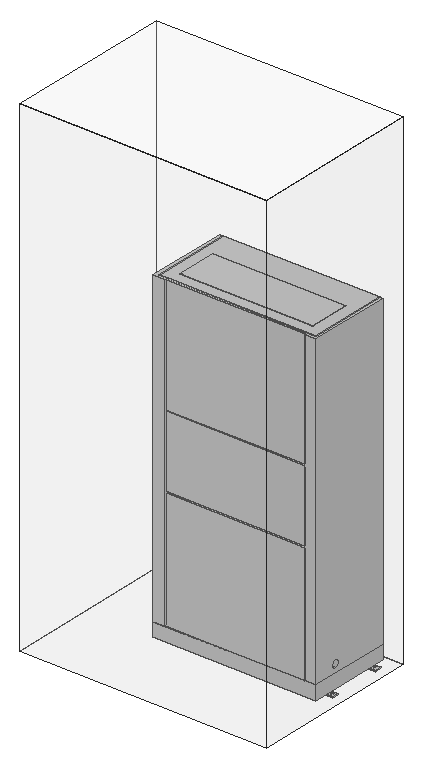
Revit family "pffy-p112_280rmg9_60Hz", category 機械設備, Revit 2019
Family settings
  丸型コネクタ寸法 = 直径を使用
  パーツ タイプ = 標準
  OmniClass 番号 = 23.75.10.24.21.27.27
  OmniClass タイトル = Split System Air Conditioning Units
  作業面ベース = いいえ
  常に垂直 = はい
  ロード時にボイドで切り取り = いいえ
  共有 = いいえ
  部屋計算ポイント = いいえ
Parameters (values of type "PFFY-P112RMG9")
  風量（m3／min） = 32
  風量 = MAX風量  # 1920.0 m³/h
  音響パワーレベル(dB) = 67
  電源種別 = ""
  電圧_電気ヒーター = 0 V
  電圧 = 200 V
  電動機出力_送風機 = 0.4 kW
  運転質量 = 0.00 kg
  連動 = ""
  質量 = if(製品質量 > 運転質量, 製品質量, 運転質量) * 1.2  # 163.20 kg
  負荷分類 = 3_ファン類
  説明 = "ビル用マルチエアコン 壁ビルトイン形　室内機"
  設計暖房能力 [instance] = 0 kW
  設計冷房能力_顕熱 [instance] = 0 kW
  設計冷房能力 [instance] = 0 kW
  設置方法 = "床置形"
  記号 [instance] = ""
  製造元 = "三菱電機株式会社"
  製品質量 = 136.00 kg
  製品出荷対象 = "国内"
  製品リリース年月 = "2022年9月15日"
  製品グループ = ""
  系統 [instance] = ""
  符号 = "ACP-FRV(D)"
  積算_科目 = "1 空気調和設備"
  積算_拾い区分 [instance] = ""
  相_電気ヒーター = 1
  相 = 3
  盤記号 [instance] = ""
  発停方法 = ""
  特殊仕様 [instance] = ""
  火災停止 = ""
  消費電力_電気ヒーター = 0 kW
  消費電力_暖房 = 0.61 kW
  消費電力_加湿器 = 0 kW
  消費電力_冷房 = 0.61 kW
  消費電力 = if(消費電力_冷房 > 消費電力_暖房, 消費電力_冷房, 消費電力_暖房) + 消費電力_加湿器 + 消費電力_電気ヒーター  # 0.61 kW
  法定耐用年数 = "15"
  機械基礎質量 [instance] = 0.00 kg
  機械基礎_W = 0 mm
  機械基礎_H = 0 mm
  機械基礎_D = 0 mm
  機械基礎 [instance] = no
  機外静圧 = 250.0 Pa
  極数 = 3
  材質 [instance] = ""
  本体マテリアル = none
  有効加湿量 = 0
  暖房能力 = 12.5 kW
  形式_加湿器 = ""
  形式 = "床置（露出）立形"
  形名 = PFFY-P-RMG : PFFY-P112RMG9
  幹線記号 [instance] = ""
  始動方式 = "直入"
  呼称 = "室内機_床置(露出)立形(直吹)"
  周波数 = 60 Hz
  台数_手元リモコン [instance] = ""
  台数_冷媒分岐ユニット [instance] = ""
  参照している仕様書等のバージョン = "公共建築工事標準仕様書（機械設備工事編）平成31年度版"
  加湿給水管径 = 0.00 mm
  分類コード = "50053003221100"
  分類グループ = ""
  冷房能力 = 11.2 kW
  冷媒高低圧ガス管径 = 0.00 mm
  冷媒管径符号 = "Bd"
  冷媒管径 = 100.00 mm
  冷媒液管径 = 9.52 mm
  冷媒ガス管径 = 15.88 mm
  価格 = 0
  企業コード = "108420"
  付属品_フィルター = ""
  付属品 [instance] = ""
  仕様書バージョン = "Version1.0"
  モデル = "PFFY-P112RMG9"
  ドレン管径 = 34.00 mm
  ダクト高 = 250 mm
  ダクト幅 = 800 mm
  コメント [instance] = ""
  Keynote = ""
  Width = 980 mm
  Version = ""
  Uniclass2015Version = "Systems v1.9"
  Uniclass2015Title = "Split coil remote air cooled condensing units"
  Uniclass2015Code = "Pr_70_65_03_84"
  URL = "https://www.mitsubishielectric.co.jp/ldg/wink/ssl/displayProduct.do?pid=317106"
  S寸法 = 0 mm
  SpecificationReference = ""
  SpecificationDescription = ""
  Revision = ""
  ProductInformation = ""
  OmniClassCode = "23-33 17 13 11"
  MAX風量 = 風量（m3／min） * 60.0 m³/h  # 1920.0 m³/h
  IfcTypeProduct = ""
  IfcProduct = ""
  IfcExportType = "AIRCONDITIONINGUNIT"
  IfcExportAs = "IfcUnitaryEquipmentType"
  Height = 1950 mm
  Depth = 500 mm
  Clearance Top = 1000 mm
  Clearance Right = 100 mm
  Clearance Left = 400 mm
  Clearance Front = 500 mm
  Clearance Back = 30 mm
  Author = "三菱電機株式会社"
Types (4, lengths in mm): name | 風量（m3／min） | 風量 | 音響パワーレベル(dB) | 電動機出力_送風機 | 質量 | 製品質量 | 消費電力_暖房 | 消費電力_冷房 | 消費電力 | 機械基礎_H | 機外静圧 | 暖房能力 | 形名 | 冷房能力 | 冷媒管径符号 | 冷媒ガス管径 | モデル | ダクト幅 | Width | URL | MAX風量
  PFFY-P112RMG9 | 32 | 1920.0 m³/h | 67 | 0.4 kW | 163.20 kg | 136.00 kg | 0.61 kW | 0.61 kW | 0.61 kW | 0 | 250.0 Pa | 12.5 kW | PFFY-P-RMG : PFFY-P112RMG9 | 11.2 kW | "Bd" | 15.88 | "PFFY-P112RMG9" | 800 | 980 | "https://www.mitsubishielectric.co.jp/ldg/wink/ssl/displayProduct.do?pid=317106" | 1920.0 m³/h
  PFFY-P140RMG9 | 40 | 2400.0 m³/h | 69 | 0.48 kW | 163.20 kg | 136.00 kg | 0.75 kW | 0.75 kW | 0.75 kW | 0 | 250.0 Pa | 16 kW | PFFY-P-RMG : PFFY-P140RMG9 | 14 kW | "Bd" | 15.88 | "PFFY-P140RMG9" | 800 | 980 | "https://www.mitsubishielectric.co.jp/ldg/wink/ssl/displayProduct.do?pid=317107" | 2400.0 m³/h
  PFFY-P224RMG9 | 64 | 3840.0 m³/h | 72 | 0.9 kW | 198.00 kg | 165.00 kg | 1.45 kW | 1.45 kW | 1.45 kW | 0 | 300.0 Pa | 25 kW | PFFY-P-RMG : PFFY-P224RMG9 | 22.4 kW | "Be" | 19.05 | "PFFY-P224RMG9" | 1020 | 1200 | "https://www.mitsubishielectric.co.jp/ldg/wink/ssl/displayProduct.do?pid=317108" | 3840.0 m³/h
  PFFY-P280RMG9 | 80 | 4800.0 m³/h | 77 | 1.1 kW | 220.80 kg | 184.00 kg | 1.89 kW | 1.89 kW | 1.89 kW | 150 | 300.0 Pa | 31.5 kW | PFFY-P-RMG : PFFY-P280RMG9 | 28 kW | "Bf" | 22.20 | "PFFY-P280RMG9" | 1260 | 1440 | "https://www.mitsubishielectric.co.jp/ldg/wink/ssl/displayProduct.do?pid=317109" | 4800.0 m³/h
Reference planes
  plane 1: z = -150
  plane 2: z = 1800
  plane 3: z = -150
  plane 4: z = 2800
  plane 5 "中心(正面/背面)": y = -250
  plane 6 "左": x = -490
  plane 7 "右": x = 490
  plane 8 "正面": y = -500
  plane 9 "背面": y = 0
  plane 10: x = 0
  plane 11: x = -875
  plane 12: y = 0
  plane 13: y = -500
  plane 14: x = 490
  plane 15: y = 30
  plane 16: x = 590
  plane 17: x = -890
  plane 18: y = -1000
  plane 19 "配管_左": x = -493
  plane 20 "電源_右": x = 493
Dimensions and locks
  "Height": plane 1 to plane 2
  "Clearance Top": plane 4 to plane 2
  "Width": plane 6 "左" to plane 7 "右"
  "Depth": plane 8 "正面" to plane 9 "背面"
  "S寸法": plane 9 "背面" to plane 12
  "S寸法": plane 13 to plane 8 "正面"
  "S寸法": plane 7 "右" to plane 14
  "Clearance Back": plane 9 "背面" to plane 15
  "Clearance Right": plane 7 "右" to plane 16
  "Clearance Left": plane 17 to plane 6 "左"
  "Clearance Front": plane 18 to plane 8 "正面"
  equal spacing: plane 6 "左", plane 10, plane 7 "右"
  locked: plane 14 to plane 20 "電源_右" at 3
  locked: plane 19 "配管_左" to plane 6 "左" at 3
  aligned and locked: plane 17 to nested 1
  aligned and locked: plane 16 to nested 1
  aligned and locked: plane 15 to nested 1
  aligned and locked: plane 1 to plane 3
  aligned and locked: plane 10 to nested 2
  aligned and locked: plane 5 "中心(正面/背面)" to nested 2
  aligned and locked: plane 18 to nested 1
Nested families
  nested 1: "サービススペース(PFFY-P-DMG)" at (-150, -485, 1325), type "サービススペース(PFFY-P-DMG)"
    with Width 1480 mm, Height 2950 mm, Depth 1030 mm
  nested 2: "PFFY-P-RMG" at (0, -250, -150), type <- "形名", マテリアル1 <- "本体マテリアル", type "PFFY-P112RMG9"
    with 表示 yes, マテリアル2 none, マテリアル1 none
Connectors
  piping at (-493, -325, 760), diameter 100
    settings: on nested 2, index 1, connector inside diameter 609.60 mm, connector length 0 mm, flow factor 0, pipe flow 0.0 L/s, pressure drop 0.0 Pa, fitting loss kfactor 0, connector angle 0.00°, fixture units 0, engagement length 0 mm, angle of deflection 0.00°, flow configuration 0, flow direction 0, fitting loss method 0, system type 7, joint type 0, gender type 0, connector reference index -1, connector utility 0, adjustable connector no, is connector primary yes, connector description ""
  piping at (-493, -245, -120), diameter 34
    settings: on nested 2, index 2, connector inside diameter 609.60 mm, connector length 0 mm, flow factor 0, pipe flow 0.0 L/s, pressure drop 0.0 Pa, fitting loss kfactor 0, connector angle 0.00°, fixture units 0, engagement length 0 mm, angle of deflection 0.00°, flow configuration 0, flow direction 0, fitting loss method 0, system type 7, joint type 0, gender type 0, connector reference index -1, connector utility 0, adjustable connector no, is connector primary no, connector description ""
  electrical at (493, -360, -10), driven by "電圧", driven by "消費電力"
    settings: on nested 2, index 3, voltage 200 V, apparent load 610 VA, apparent load phase1 0 VA, apparent load phase2 0 VA, apparent load phase3 0 VA, power factor 1, load classification "その他", number of poles 1, system type 30, power factor state 1, is connector primary yes, connector utility no, sub classification motor no, connector description ""
Definition of nested family "サービススペース(PFFY-P-DMG)"
  Parameters (values of type "サービススペース")
    Width [instance] = 500 mm
    Height [instance] = 500 mm
    Depth [instance] = 500 mm
  Reference planes
    plane 1 "中心(正面/背面)": y = 0
    plane 2: z = 0
    plane 3 "中心(左/右)": x = 0
    plane 4: y = -250
    plane 5: x = 250
    plane 6: y = 250
    plane 7: x = -250
    plane 8: z = 250
    plane 9: z = -250
  Forms (mm)
    Extrusion 1, solid
      sketch origin (-638.939, 0, 72.39) x (1, 0, 0) y (0, 1, 0)
        loop
          line (388.939, 250) -> (388.939, -250) -> (888.939, -250) -> (888.939, 250) -> (388.939, 250)
      from -322.39 to 177.61
  Lines and regions (mm)
    symbolic lines
      curve 1: line (-250, 0, 250) -> (250, 0, 250)
      curve 2: line (-250, 0, -250) -> (-250, 0, 250)
      curve 3: line (250, 0, -250) -> (-250, 0, -250)
      curve 4: line (250, 0, 250) -> (250, 0, -250)
      curve 5: line (0, -250, 250) -> (0, 250, 250)
      curve 6: line (0, -250, -250) -> (0, -250, 250)
      curve 7: line (0, 250, -250) -> (0, -250, -250)
      curve 8: line (0, 250, 250) -> (0, 250, -250)
      curve 9: line (-250, 250, 0) -> (250, 250, 0)
      curve 10: line (-250, -250, 0) -> (-250, 250, 0)
      curve 11: line (250, -250, 0) -> (-250, -250, 0)
      curve 12: line (250, 250, 0) -> (250, -250, 0)
  Dimensions and locks
    equal spacing: plane 7, plane 3 "中心(左/右)", plane 5
    equal spacing: plane 4, plane 1 "中心(正面/背面)", plane 6
    "Depth": plane 4 to plane 6
    "Width": plane 7 to plane 5
    equal spacing: plane 8, plane 2, plane 9
    "Height": plane 8 to plane 9
    aligned and locked: plane 9 to curve 3
    aligned and locked: plane 7 to curve 2
    aligned and locked: curve 4 to plane 5
    aligned and locked: plane 5 to Extrusion 1
    aligned and locked: Extrusion 1 to plane 7
    aligned and locked: Extrusion 1 to plane 9
    aligned and locked: plane 8 to Extrusion 1
    aligned and locked: plane 9 to curve 7
  Automatic sketch dimensions
    plane 4 to Extrusion 1 sketch curve = 0 mm
    Extrusion 1 sketch curve to plane 7 = 0 mm
    Extrusion 1 sketch curve to plane 5 = 0 mm
    plane 6 to Extrusion 1 sketch curve = 0 mm
    curve 2 to plane 8 = 0 mm
    plane 4 to curve 11 = 0 mm
    curve 11 to plane 7 = 0 mm
    curve 11 to plane 5 = 0 mm
    plane 6 to curve 10 = 0 mm
    curve 7 to plane 4 = 0 mm
    curve 7 to plane 6 = 0 mm
    curve 6 to plane 8 = 0 mm
Definition of nested family "PFFY-P-RMG"
  Parameters (values of type "PFFY-P224RMG9")
    液径 = 9.52 mm
    液-W = 0 mm
    液-H = 910 mm
    液-D = 225 mm
    高 = 1950 mm
    電源径 = 36 mm
    電源-W = 0 mm
    電源-H = 140 mm
    電源-D = 140 mm
    表示 [instance] = yes
    幅 = 1200 mm
    奥行 = 500 mm
    吹出し口-W = 1020 mm
    吹出し口-D = 250 mm
    吊りボルト径 = 12 mm
    吊りボルト-W = 1242 mm
    吊りボルト-D = 320 mm
    吊りボルト-H = 0 mm
    冷媒径 = 100 mm
    ガス径 = 19.05 mm
    ガス-W = 0 mm
    ガス-H = 910 mm
    ガス-D = 125 mm
    マテリアル2 [instance] = none
    マテリアル1 [instance] = none
    ドレン径 = 34 mm  # constant formula
    ドレン-W = 0 mm
    ドレン-H = 30 mm
    ドレン-D = 255 mm
  Types (4, lengths in mm): name | 幅 | 吹出し口-W | 吊りボルト-W | ガス径
    PFFY-P280RMG9 | 1440 | 1260 | 1482 | 22.2
    PFFY-P224RMG9 | 1200 | 1020 | 1242 | 19.05
    PFFY-P140RMG9 | 980 | 800 | 1022 | 15.88
    PFFY-P112RMG9 | 980 | 800 | 1022 | 15.88
  Reference planes
    plane 1 "中心(正面/背面)": y = 0
    plane 2: z = 0
    plane 3 "中心(左/右)": x = 0
    plane 4: x = 600
    plane 5: x = -600
    plane 6: y = 250
    plane 7: y = -250
    plane 8: z = 1250
    plane 9: z = 1950
    plane 10: z = 85
    plane 11 "吊りボルト-W2": x = 621
    plane 12 "吊りボルト-W1": x = -621
    plane 13 "ドレン-H": z = 30
    plane 14 "電源穴-H": z = 140
    plane 15: z = 910
    plane 16: z = 910
    plane 17: z = 1240
    plane 18: x = 640
    plane 19: x = -640
    plane 20: y = 130
    plane 21: z = 5
    plane 22 "冷媒管-H": z = 910
    plane 23: z = 800
    plane 24: z = 810
    plane 25 "67-20": y = -183
    plane 26 "吹出し口-D2": y = -163
    plane 27 "吹出し口-D1": y = 87
    plane 28: x = 530
    plane 29 "吹出し口-幅2": x = 510
    plane 30 "吹出し口-幅1": x = -510
    plane 31 "20": x = -530
    plane 32 "吊りボルト-D2": y = -155
    plane 33 "吊りボルト-D1": y = 165
    plane 34 "ドレン-D": y = 5
    plane 35 "冷媒管-D": y = -75
    plane 36 "ガス-D": y = -125
    plane 37 "液-D": y = -25
    plane 38 "電源-D": y = -110
    plane 39 "電源穴-D": y = -110
    plane 40 "ガス": y = -125
    plane 41 "液": y = -25
  Forms (mm)
    Extrusion 1, solid, material <- "マテリアル1", visible <- "表示", detail levels fine
      sketch origin (0, 0, -400) x (1, 0, 0) y (0, 1, 0)
        loop
          line (530, -230) -> (-530, -230) -> (-530, -247) -> (530, -247) -> (530, -230)
      from 1650 to 2350
    Extrusion 2, solid, material <- "マテリアル1", visible <- "表示", detail levels fine
      sketch origin (0, 0, -800) x (1, 0, 0) y (0, 1, 0)
        loop
          line (-530, -247) -> (530, -247) -> (530, -230) -> (-530, -230) -> (-530, -247)
      from 885 to 1600
    Extrusion 3, solid, material <- "マテリアル2", visible <- "表示", detail levels fine
      sketch origin (0, 0, 0) x (1, 0, 0) y (0, 1, 0)
        loop
          line (600, 185) -> (600, 145) -> (640, 145) -> (640, 185) -> (600, 185)
        loop
          line (600, -137.5) -> (600, -177.5) -> (640, -177.5) -> (640, -137.5) -> (600, -137.5)
        loop
          line (-640, 185) -> (-640, 145) -> (-600, 145) -> (-600, 185) -> (-640, 185)
        loop
          line (-640, -137.5) -> (-640, -177.5) -> (-600, -177.5) -> (-600, -137.5) -> (-640, -137.5)
        loop
          circle (-621, 165) r 6
        loop
          circle (621, 165) r 6
        loop
          circle (621, -155) r 6
        loop
          circle (-621, -155) r 6
      from 0 to 5
    Extrusion 4, solid, material <- "マテリアル1", visible <- "表示", detail levels fine
      sketch origin (-1437.329, -1524, 1748) x (-1, 0, 0) y (0, -1, 0)
        loop
          line (-837.329, -1774) -> (-837.329, -1274) -> (-907.329, -1274) -> (-907.329, -1294) -> (-857.329, -1294) -> (-857.329, -1774) -> (-837.329, -1774)
        loop
          line (-2017.329, -1774) -> (-2017.329, -1294) -> (-1967.329, -1294) -> (-1967.329, -1274) -> (-2037.329, -1274) -> (-2037.329, -1774) -> (-2017.329, -1774)
      from -1663 to 202
    Extrusion 5, solid, material <- "マテリアル1", visible <- "表示", detail levels fine
      sketch origin (-1437.329, -1524, 1748) x (-1, 0, 0) y (0, -1, 0)
        loop
          line (-2017.329, -1774) -> (-857.329, -1774) -> (-857.329, -1294) -> (-2017.329, -1294) -> (-2017.329, -1774)
      from -1663 to 202
    Extrusion 6, solid, material <- "マテリアル2", visible <- "表示", detail levels fine
      sketch origin (-1437.329, -1524, 1748) x (-1, 0, 0) y (0, -1, 0)
        loop
          line (-837.329, -1774) -> (-837.329, -1274) -> (-2037.329, -1274) -> (-2037.329, -1774) -> (-837.329, -1774)
      from -1748 to -1663
    Extrusion 7, solid, material <- "マテリアル2", visible <- "表示", detail levels fine
      sketch origin (600, 1296.25, 1200) x (0, 1, 0) y (0, 0, 1)
        loop
          circle (-1406.25, -1060) r 18
      from 0 to 3
    Extrusion 8, solid, material <- "マテリアル1", visible <- "表示", detail levels fine
      sketch origin (0, 0, -360) x (1, 0, 0) y (0, 1, 0)
        loop
          line (-530, -247) -> (530, -247) -> (530, -230) -> (-530, -230) -> (-530, -247)
      from 1170 to 1600
    Extrusion 9, solid, detail levels fine
      sketch origin (-1437.329, -1524, 1950) x (-1, 0, 0) y (0, -1, 0)
        loop
          line (-1947.329, -1361) -> (-1947.329, -1611) -> (-927.329, -1611) -> (-927.329, -1361) -> (-1947.329, -1361)
      from 0 to 1
    Extrusion 10, solid, detail levels fine
      sketch origin (-600, -250, 1748) x (0, 1, 0) y (0, 0, -1)
        loop
          circle (175, 838) r 50
      from 0 to 3
    Extrusion 11, solid, detail levels fine
      sketch origin (-600, -250, 1748) x (0, 1, 0) y (0, 0, -1)
        loop
          circle (255, 1718) r 17
      from 0 to 3
    Extrusion 12, solid, detail levels fine
      sketch origin (-600, -250, 1748) x (0, 1, 0) y (0, 0, -1)
        loop
          circle (125, 838) r 9.525
        loop
          circle (225, 838) r 4.76
      from 0 to 3
  Lines and regions (mm)
    Masking region 1, visible <- "表示", detail levels coarse+medium
      outline origin (0, 0, 0) x (1, 0, 0) y (0, 1, 0)
        loop
          line (-600, 250) -> (-600, -250) -> (600, -250) -> (600, 250) -> (-600, 250)
    symbolic lines, visible <- "表示"
      curve 1: line (-600, 250, 1748) -> (-600, -250, 1748)
      curve 2: line (-600, -250, 1748) -> (600, -250, 1748)
      curve 3: line (600, -250, 1748) -> (600, 250, 1748)
      curve 4: line (600, 250, 1748) -> (-600, 250, 1748)
  Dimensions and locks
    equal spacing: plane 7, plane 1 "中心(正面/背面)", plane 6
    "奥行": plane 7 to plane 6
    equal spacing: plane 5, plane 3 "中心(左/右)", plane 4
    "幅": plane 5 to plane 4
    plane 10 to level = 85 mm
    equal spacing: plane 12 "吊りボルト-W1", plane 3 "中心(左/右)", plane 11 "吊りボルト-W2"
    "吊りボルト-W": plane 12 "吊りボルト-W1" to plane 11 "吊りボルト-W2"
    "ドレン-H": plane 13 "ドレン-H" to level
    "電源-H": plane 14 "電源穴-H" to level
    "液-H": plane 15 to level
    plane 9 to plane 8 = 700 mm
    "ガス-H": plane 16 to level
    locked: plane 8 to plane 17 at 10
    locked: plane 19 to plane 5 at 40
    locked: plane 4 to plane 18 at 40
    locked: plane 21 to level at 5
    "高": plane 9 to level
    locked: plane 24 to plane 23 at 10
    plane 23 to level = 800 mm
    locked: plane 7 to plane 25 "67-20" at 67
    "吹出し口-D": plane 26 "吹出し口-D2" to plane 27 "吹出し口-D1"
    locked: plane 25 "67-20" to plane 26 "吹出し口-D2" at 20
    locked: plane 28 to plane 4 at 70
    locked: plane 29 "吹出し口-幅2" to plane 28 at 20
    "吹出し口-W": plane 30 "吹出し口-幅1" to plane 29 "吹出し口-幅2"
    locked: plane 31 "20" to plane 30 "吹出し口-幅1" at 20
    locked: plane 7 to plane 32 "吊りボルト-D2" at 95
    "吊りボルト-D": plane 32 "吊りボルト-D2" to plane 33 "吊りボルト-D1"
    "吊りボルト径": diameter of Extrusion 3 sketch curve  (x4)
    "電源径": diameter of Extrusion 7 sketch curve
    "冷媒径": diameter of Extrusion 10 sketch curve
    "ドレン径": diameter of Extrusion 11 sketch curve
    "ガス径": diameter of Extrusion 12 sketch curve
    "液径": diameter of Extrusion 12 sketch curve
    aligned and locked: level to plane 2
    aligned and locked: Extrusion 2 to plane 10
    aligned and locked: Extrusion 1 to plane 8
    aligned and locked: Extrusion 4 to plane 10
    aligned and locked: plane 9 to Extrusion 4
    aligned and locked: plane 9 to Extrusion 1
    aligned and locked: Extrusion 4 sketch curve to plane 7
    aligned and locked: Extrusion 5 sketch curve to plane 6
    aligned and locked: plane 9 to Extrusion 5
    aligned and locked: Extrusion 5 to plane 10
    aligned and locked: plane 4 to Extrusion 3 sketch curve  (x2)
    aligned and locked: Extrusion 3 sketch curve to plane 18  (x2)
    aligned and locked: plane 19 to Extrusion 3 sketch curve  (x2)
    aligned and locked: Extrusion 3 sketch curve to plane 5  (x2)
    aligned and locked: plane 12 "吊りボルト-W1" to Extrusion 3 sketch curve  (x2)
    aligned and locked: plane 11 "吊りボルト-W2" to Extrusion 3 sketch curve  (x2)
    aligned and locked: Extrusion 3 to level
    aligned and locked: plane 21 to Extrusion 3
    aligned and locked: Extrusion 6 sketch curve to Extrusion 4
    aligned and locked: Extrusion 6 sketch curve to Extrusion 5
    aligned and locked: Extrusion 6 to level
    aligned and locked: plane 10 to Extrusion 6
    aligned and locked: Masking region 1 sketch curve to Extrusion 6
    aligned and locked: Masking region 1 sketch curve to Extrusion 4
    aligned and locked: Masking region 1 sketch curve to plane 7
    aligned and locked: Masking region 1 sketch curve to plane 4
    aligned and locked: plane 14 "電源穴-H" to Extrusion 7 sketch curve
    aligned and locked: Extrusion 7 to plane 4
    aligned and locked: plane 23 to Extrusion 2
    aligned and locked: Extrusion 8 to plane 24
    aligned and locked: plane 30 "吹出し口-幅1" to Extrusion 9 sketch curve
    aligned and locked: nested 1 to plane 11 "吊りボルト-W2"
    aligned and locked: plane 33 "吊りボルト-D1" to nested 1
    aligned and locked: plane 32 "吊りボルト-D2" to nested 1
    aligned and locked: plane 12 "吊りボルト-W1" to nested 1
  Automatic sketch dimensions
    plane 7 to curve 2 = 0 mm
    plane 6 to Extrusion 4 sketch curve = 0 mm  (x2)
    Extrusion 4 sketch curve to plane 5 = 0 mm
    plane 5 to Extrusion 1 sketch curve = 70 mm
    plane 5 to Extrusion 2 sketch curve = 70 mm
    Extrusion 4 sketch curve to plane 4 = 20 mm
    plane 5 to Extrusion 4 sketch curve = 20 mm
    Extrusion 5 sketch curve to plane 4 = 20 mm
    plane 5 to Extrusion 5 sketch curve = 20 mm
    plane 5 to Extrusion 8 sketch curve = 70 mm
    Extrusion 1 sketch curve to plane 7 = 3 mm
    Extrusion 1 sketch curve to Extrusion 1 sketch curve = 17 mm
    Extrusion 2 sketch curve to plane 7 = 3 mm
    Extrusion 2 sketch curve to Extrusion 2 sketch curve = 17 mm
    Extrusion 4 sketch curve to plane 7 = 20 mm  (x2)
    Extrusion 5 sketch curve to plane 7 = 20 mm
    Extrusion 8 sketch curve to plane 7 = 3 mm
    Extrusion 8 sketch curve to Extrusion 8 sketch curve = 17 mm
    curve 2 to plane 5 = 0 mm
    plane 6 to curve 4 = 0 mm
    curve 3 to plane 4 = 0 mm
    Extrusion 4 sketch curve to Extrusion 4 sketch curve = 70 mm
    Extrusion 1 sketch curve to plane 4 = 70 mm
    Extrusion 2 sketch curve to plane 4 = 70 mm
    Extrusion 8 sketch curve to plane 4 = 70 mm
    Extrusion 9 sketch curve to Extrusion 5 = 70 mm
    Extrusion 9 sketch curve to Extrusion 5 = 163 mm
    Extrusion 9 sketch curve to Extrusion 5 = 67 mm
    Extrusion 4 sketch curve to plane 31 "20" = 0 mm
    plane 7 to Extrusion 4 sketch curve = 0 mm
    Extrusion 4 sketch curve to plane 4 = 0 mm
    Extrusion 6 sketch curve to plane 4 = 0 mm
    plane 7 to Extrusion 6 sketch curve = 0 mm
    plane 32 "吊りボルト-D2" to Extrusion 3 sketch curve = 0 mm  (x2)
    plane 33 "吊りボルト-D1" to Extrusion 3 sketch curve = 0 mm  (x2)
    Extrusion 3 sketch curve to plane 25 "67-20" = 5.5 mm  (x2)
    Extrusion 3 sketch curve to plane 40 "ガス" = 12.5 mm  (x2)
    Extrusion 3 sketch curve to plane 20 = 15 mm  (x2)
    Extrusion 3 sketch curve to plane 33 "吊りボルト-D1" = 20 mm  (x2)
    Extrusion 7 sketch curve to plane 38 "電源-D" = 0 mm
    Extrusion 10 sketch curve to Extrusion 4 = 175 mm
    Extrusion 4 to Extrusion 10 sketch curve = 825 mm
    Extrusion 11 sketch curve to Extrusion 4 = 55 mm
    Extrusion 4 to Extrusion 11 sketch curve = 245 mm
    Extrusion 12 sketch curve to Extrusion 4 = 125 mm
    Extrusion 12 sketch curve to Extrusion 12 sketch curve = 100 mm
    Extrusion 4 to Extrusion 12 sketch curve = 825 mm
    Extrusion 12 sketch curve to Extrusion 12 sketch curve = 0 mm
  Nested families
    nested 1: "固定点" at (-621, -155, 0), visible <- "表示", D <- "吊りボルト-D", W <- "吊りボルト-W", type "固定点", detail levels fine
      with W 1242 mm, D 320 mm, 中心円 12 mm
  Definition of nested family "固定点"
    Parameters (values of type "固定点")
      中心円 = 20 mm
      W [instance] = 1000 mm
      D [instance] = 1000 mm
    Reference planes
      plane 1 "中心(正面/背面)": y = 0
      plane 2: z = 0
      plane 3 "中心(左/右)": x = 0
      plane 4: x = 1000
      plane 5: y = 1000
    Lines and regions (mm)
      symbolic lines, detail levels fine
        curve 1: circle (0, 1000, 0) r 10 normal (0, 0, 1)
        curve 2: circle (0, 0, 0) r 10 normal (0, 0, 1)
        curve 3: circle (1000, 1000, 0) r 10 normal (0, 0, 1)
        curve 4: circle (1000, 0, 0) r 10 normal (0, 0, 1)
        curve 5: line (-200, 1000, 0) -> (1200, 1000, 0)
        curve 6: line (-200, 0, 0) -> (1200, 0, 0)
        curve 7: line (0, 1200, 0) -> (0, -200, 0)
        curve 8: line (1000, 1200, 0) -> (1000, -200, 0)
    Dimensions and locks
      "W": plane 3 "中心(左/右)" to plane 4
      "D": plane 1 "中心(正面/背面)" to plane 5
      "中心円": diameter of curve 1
      "中心円": diameter of curve 2
      "中心円": diameter of curve 3
      "中心円": diameter of curve 4
      aligned and locked: level to plane 2
      aligned and locked: plane 5 to curve 1
      aligned and locked: plane 3 "中心(左/右)" to curve 1
      aligned and locked: plane 3 "中心(左/右)" to curve 2
      aligned and locked: plane 1 "中心(正面/背面)" to curve 2
      aligned and locked: plane 4 to curve 3
      aligned and locked: plane 5 to curve 3
      aligned and locked: plane 1 "中心(正面/背面)" to curve 4
      aligned and locked: plane 4 to curve 4
      aligned and locked: plane 1 "中心(正面/背面)" to curve 6
      aligned and locked: curve 7 to plane 3 "中心(左/右)"
      aligned and locked: curve 8 to plane 4
    Automatic sketch dimensions
      curve 5 to plane 5 = 0 mm
      curve 6 to plane 3 "中心(左/右)" = 200 mm
      curve 5 to plane 3 "中心(左/右)" = 200 mm
      curve 4 to curve 6 = 200 mm
      curve 3 to curve 5 = 200 mm
      plane 1 "中心(正面/背面)" to curve 8 = 200 mm
      plane 1 "中心(正面/背面)" to curve 7 = 200 mm
      curve 3 to curve 8 = 200 mm
      curve 1 to curve 7 = 200 mm
